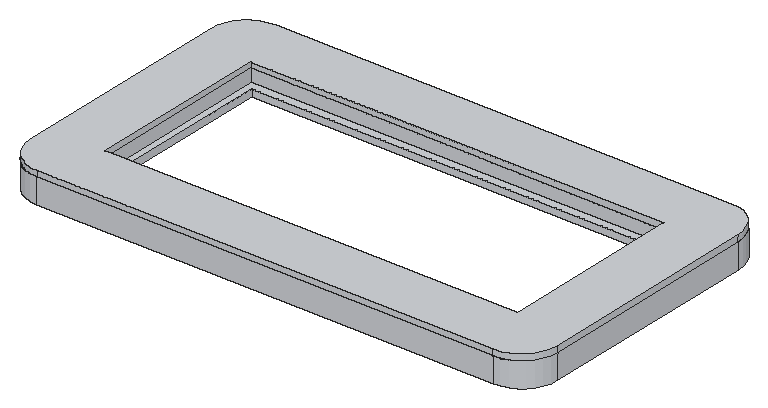
Revit family "Gira_1002416", category Electrical Fixtures, host Face, Revit 2017
Family settings
  Host = Face
  Maintain Annotation Orientation = No
  Round Connector Dimension = Use Diameter
  Part Type = Normal
  Cut with Voids When Loaded = No
  Shared = No
  Room Calculation Point = No
Parameters (values of type "Cov.fr. 2-g w/o cb Gira E3 umber/p.white")
  URL = "http://katalog.gira.de/en/datenblatt.html?artikelnr=1002416"
  Transparent = "No"
  Name = "Cov.fr. 2-g w/o cb Gira E3 umber/p.white"
  Manufacturer URL = "https://www.gira.de/"
  Manufacturer = "Gira"
  Keynote = ""
  HeinzeBIM = "https://bimportal.heinze.de/bim/cov-fr-2-g-w-o-cb-gira-e3-umber-p-white/c5fb9a92dd1ff8c9200ec9bb5c050b2296e44790"
  HAN = "1002416"
  GTIN = "4010337024446"
  Description = "Cov.fr.2g w o cb E3 UmPw,Gira E3 cover frame,umber soft touch with pure white glossy intermediate frame,2-gang without crossbar,Features:,- Shatter-proof.,,Notes :,- Soft-touch surface,- NCS value: approx. NCS S 7010-Y10R"
  Default Elevation = 1219.2 mm
  Data sheet (1) = "https://katalog.gira.de/en/download.html?artikelnr=1002416"
  Category = "Cover frame for domestic switching devices"
  BIM (1) = "https://media.stage.bim.site/public/gira/36a6b08/E3_Rahmen_2fach o.Mittelsteg.rfa?public/gira/36a6b08/E3_Rahmen_2fach o.Mittelsteg.rfa"
  Available = "No"
Reference planes
  plane 1 "Center (Front/Back)": y = 0
  plane 2: z = 0
  plane 3 "Center (Left/Right)": x = 0
Forms (mm)
  Extrusion 1, solid
    sketch origin (0, 0, 0) x (1, 0, 0) y (0, 1, 0)
      loop
        arc (-70.233, 45.809) -> (-78.018, 42.585) -> (-81.243, 34.8) r 11.009
        line (-81.243, 34.8) -> (-81.243, -34.8)
        arc (-81.243, -34.8) -> (-78.018, -42.585) -> (-70.233, -45.809) r 11.009
        line (-70.233, -45.809) -> (70.233, -45.809)
        arc (70.233, -45.809) -> (78.018, -42.585) -> (81.243, -34.8) r 11.009
        line (81.243, -34.8) -> (81.243, 34.8)
        arc (81.243, 34.8) -> (78.018, 42.585) -> (70.233, 45.809) r 11.009
        line (70.233, 45.809) -> (-70.233, 45.809)
      loop
        line (63.62, 28.156) -> (-63.62, 28.156) -> (-63.62, -28.156) -> (63.62, -28.156) -> (63.62, 28.156)
    from 7.65 to 9.5
  Extrusion 2, solid
    sketch origin (0, 0, 0) x (1, 0, 0) y (0, 1, 0)
      loop
        line (61.452, 25.7) -> (-61.448, 25.7) -> (-61.448, -25.7) -> (61.452, -25.7) -> (61.452, 25.7)
      loop
        line (-63.935, -28.156) -> (63.939, -28.156) -> (63.939, 28.156) -> (-63.935, 28.156) -> (-63.935, -28.156)
    from 1.65 to 3.9
  Extrusion 3, solid
    sketch origin (0, 0, 0) x (1, 0, 0) y (0, 1, 0)
      loop
        arc (-70.346, 45.809) -> (-78.131, 42.585) -> (-81.355, 34.8) r 11.009
        line (-81.355, 34.8) -> (-81.355, -34.8)
        arc (-81.355, -34.8) -> (-78.131, -42.585) -> (-70.346, -45.809) r 11.009
        line (-70.346, -45.809) -> (70.35, -45.809)
        arc (70.35, -45.809) -> (78.134, -42.585) -> (81.359, -34.8) r 11.009
        line (81.359, -34.8) -> (81.359, 34.8)
        arc (81.359, 34.8) -> (78.134, 42.585) -> (70.35, 45.809) r 11.009
        line (70.35, 45.809) -> (-70.346, 45.809)
      loop
        line (-79.389, 34.785) -> (-79.389, -34.785)
        arc (-79.389, -34.785) -> (-76.736, -41.19) -> (-70.331, -43.843) r 9.058
        line (-70.331, -43.843) -> (70.334, -43.843)
        arc (70.334, -43.843) -> (76.74, -41.19) -> (79.393, -34.785) r 9.058
        line (79.393, -34.785) -> (79.393, 34.785)
        arc (79.393, 34.785) -> (76.74, 41.19) -> (70.334, 43.843) r 9.058
        line (70.334, 43.843) -> (-70.331, 43.843)
        arc (-70.331, 43.843) -> (-76.736, 41.19) -> (-79.389, 34.785) r 9.058
    from 0 to 7.65
  Extrusion 4, solid
    sketch origin (0, 0, 0) x (1, 0, 0) y (0, 1, 0)
      loop
        line (-67.501, -39.8) -> (67.505, -39.8)
        arc (67.505, -39.8) -> (73.119, -36.708) -> (75.352, -30.7) r 9.2
        line (75.352, -30.7) -> (75.352, 30.7)
        arc (75.352, 30.7) -> (72.657, 37.205) -> (66.152, 39.9) r 9.2
        line (66.152, 39.9) -> (-66.148, 39.9)
        arc (-66.148, 39.9) -> (-72.653, 37.205) -> (-75.348, 30.7) r 9.2
        line (-75.348, 30.7) -> (-75.348, -30.7)
        arc (-75.348, -30.7) -> (-73.115, -36.708) -> (-67.501, -39.8) r 9.2
      loop
        line (-66.148, -31.7) -> (66.152, -31.7)
        arc (66.152, -31.7) -> (66.859, -31.407) -> (67.152, -30.7) r 1
        line (67.152, -30.7) -> (67.152, 30.7)
        arc (67.152, 30.7) -> (66.859, 31.407) -> (66.152, 31.7) r 1
        line (66.152, 31.7) -> (-66.148, 31.7)
        arc (-66.148, 31.7) -> (-66.855, 31.407) -> (-67.148, 30.7) r 1
        line (-67.148, 30.7) -> (-67.148, -30.7)
        arc (-67.148, -30.7) -> (-66.855, -31.407) -> (-66.148, -31.7) r 1
    from 1.65 to 3.9
  Extrusion 5, solid
    sketch origin (0, 0, 0) x (1, 0, 0) y (0, 1, 0)
      loop
        line (-63.62, 28.156) -> (-63.62, -28.156) -> (63.62, -28.156) -> (63.62, 28.156) -> (-63.62, 28.156)
      loop
        line (-66.692, 27.327) -> (-66.692, -27.327)
        arc (-66.692, -27.327) -> (-65.601, -29.977) -> (-62.954, -31.075) r 3.739
        line (-62.954, -31.075) -> (62.958, -31.075)
        arc (62.958, -31.075) -> (65.601, -29.98) -> (66.696, -27.337) r 3.739
        line (66.696, -27.337) -> (66.696, 27.337)
        arc (66.696, 27.337) -> (65.601, 29.98) -> (62.958, 31.075) r 3.739
        line (62.958, 31.075) -> (-62.954, 31.075)
        arc (-62.954, 31.075) -> (-65.601, 29.977) -> (-66.692, 27.327) r 3.739
    from 1.65 to 7.65
  Extrusion 6, solid, detail levels coarse+medium
    sketch origin (0, 0, 0) x (1, 0, 0) y (0, 1, 0)
      loop
        line (-81.355, 45.809) -> (-81.355, -45.809) -> (81.359, -45.809) -> (81.359, 45.809) -> (-81.355, 45.809)
    from 0 to 9.5
Dimensions and locks
  aligned and locked: plane 2 to host face
  aligned and locked: level to host face
